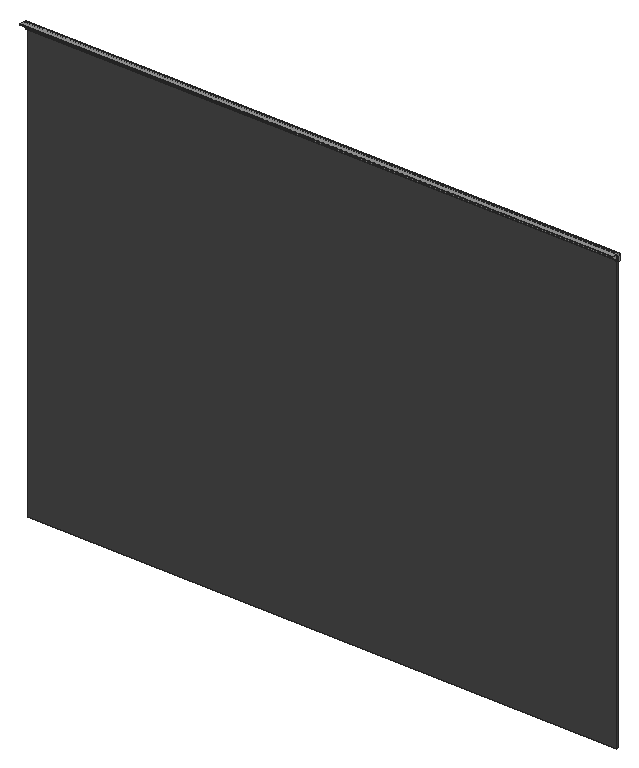
Revit family "Małkowski Martech_Brama_Marc-KDS - oparta na ścianie", category Drzwi, Revit 2020
Family settings
  Obiekt nadrzędny = Ściana
  Numer OmniClass = 23.30.10.00
  Tytuł OmniClass = Doors
  Zawsze pionowo = Tak
  Tnij formami wycięć po wczytaniu = Nie
  Współdzielony = Nie
  Punkt obliczania pomieszczeń = Tak
Parameters (values of type "Kaseta wału do stropu bezpośrednio")
  ►Gr [instance] = Grubość ściany  # 300 mm
  Wysokość otworu w murze Ho [instance] = 3000 mm
  Wysokość otworu [instance] = if(Wysokość otworu w murze Ho < 500 mm, 500 mm, if(Wysokość otworu w murze Ho > 8000 mm, 8000 mm, Wysokość otworu w murze Ho))  # 3000 mm
  Height = 0 mm
  Użyteczna wysokość otworu [instance] = Wysokość otworu - 50 mm  # 2950 mm
  Użyteczna szerokość otworu [instance] = Szerokość otworu  # 4000 mm
  Typ budowy = "Kurtyna dymowa stała"  # constant formula
  URL = "https://www.malkowski.pl/produkty/marc-kds/"
  Szerokość otworu w murze So [instance] = 4000 mm
  Szerokość otworu [instance] = if(Szerokość otworu w murze So < 1000 mm, 1000 mm, if(Szerokość otworu w murze So > 6000 mm, 6000 mm, Szerokość otworu w murze So))  # 4000 mm
  Width = 0 mm
  Płaszcz kurtyny = "niepalna tkanina z włókna szklanego, standardowo w kolorze szaro-srebrnym, z listwą obciążeniową zamocowanej do dolnej krawędzi płaszcza"  # constant formula
  Producent = "Małkowski - Martech S.A."  # constant formula
  Keynote = ""
  Odporność ogniowa = "D, DH"  # constant formula
  Obraz typu = 062-700x600-px-scale-730-547.jpg
  Model (Kod) [instance] = if([Klasa odporności ogniowej (Marc-Kds)] = 0, "KDS - D30 - S", if([Klasa odporności ogniowej (Marc-Kds)] = 1, "KDS - D60 - S", if([Klasa odporności ogniowej (Marc-Kds)] = 2, "KDS - D90 - S", if([Klasa odporności ogniowej (Marc-Kds)] = 3, "KDS - D120 - S", if([Klasa odporności ogniowej (Marc-Kds)] = 4, "KDS - DA - S", if([Klasa odporności ogniowej (Marc-Kds)] = 5, "KDS - DH30 - S", if([Klasa odporności ogniowej (Marc-Kds)] = 6, "KDS - DH60 - S", if([Klasa odporności ogniowej (Marc-Kds)] = 7, "KDS - DH90 - S", if([Klasa odporności ogniowej (Marc-Kds)] = 8, "KDS - DH120 - S", "KDS - DHA - S")))))))))  # "KDS - D30 - S"
  Model = "Marc - KDS"  # constant formula
  Materiał kasety [instance] = Małkowski-Martech_Szary
  Komentarz do konfiguracji [instance] = if(or(Szerokość otworu w murze So < 1000 mm, Wysokość otworu w murze Ho < 500 mm), "Podane wymiary otworu nie są kompatybilne z kartą katalogową.", if(Szerokość otworu w murze So > 6000 mm, "Maksymalna szerokość pojedynczego modułu wynosi 6m. Szersze kurtyny wykonywane są z kilku modułów połączonych łącznikami.", if(Wysokość otworu w murze Ho > 8000 mm, "W przypadku kurtyn o większej wysokości niż 8m prosimy o kontakt z producentem.", "Wprowadzono poprawne wymiary")))  # "Wprowadzono poprawne wymiary"
  Klasa odporności ogniowej (Marc-Kds) [instance] = 0
  IfcExportAs = "IfcDoor"  # constant formula
  Głębokość montażu [instance] = 0 mm
  Grubość ściany [instance] = 300 mm
  Zakończenie ściany = Wg obiektu nadrzędnego
  Funkcja = Wewnętrzna
  Elementy mocujące = "kątownik stalowy 50x50x6 i płaskownik 40x3 z blachy stalowej, mocowanie śrubami sześciokątnymi M6x25 i kotwami stalowymi M10"  # constant formula
  Długość płaszcza [instance] = Użyteczna wysokość otworu + 40 mm  # 2990 mm
  Brama zamknięta [instance] = not(Brama otwarta)  # yes
  Brama otwarta [instance] = no
Reference planes
  plane 1: y = 0
  plane 2 "Środek (Lewa/Prawa)": x = 0
  plane 3 "Lewa": x = -2000
  plane 4 "Prawa": x = 2000
  plane 5 "Góra otworu w murze": z = 3000
  plane 6 "Zewnętrzna": y = 150
  plane 7 "Wewnętrzna": y = -150
  plane 8: y = -150
  plane 9 "Środek obrotu": x = 37.5
  plane 10 "Podstawa parapetu": z = 0
  plane 11: x = -1990
  plane 12: x = 1990
  plane 13: y = 150
  plane 14: y = 150
  plane 15: y = 147
Forms (mm)
  Extrusion 1, solid, material "Małkowski-Martech_Szary" <- "Materiał kasety"
    sketch origin (0, -74, 0) x (0, -1, 0) y (0, 0, -1)
      loop
        line (-217.2, -3000) -> (-167.2, -3000) -> (-167.2, -2996.5)
        arc (-167.2, -2996.5) -> (-167.932, -2994.732) -> (-169.7, -2994) r 2.5
        line (-169.7, -2994) -> (-208.295, -2994)
        arc (-208.295, -2994) -> (-210.349, -2993.149) -> (-211.2, -2991.095) r 2.905
        line (-211.2, -2991.095) -> (-211.2, -2952.535)
        arc (-211.2, -2952.535) -> (-211.943, -2950.743) -> (-213.735, -2950) r 2.535
        line (-213.735, -2950) -> (-217.2, -2950) -> (-217.2, -3000)
      loop
        line (-221, -2950) -> (-224, -2950) -> (-224, -2990) -> (-221, -2990) -> (-221, -2950)
    from -2000 to 2000
Lines and regions (mm)
  Opening 1
    outline origin (-3050, -150, 0) x (1, 0, 0) y (0, 0, 1)
      loop
        line (1050, 0) -> (5050, 0) -> (5050, 3000) -> (1050, 3000) -> (1050, 0)
Text (mm)
  text "Zewnętrzne" at (-2295.016, 1099.543, 0), in view "Poziom odniesienia"
  text "Zewnętrzne" at (0, 1615.38, 3698.081), in view "Lewa"
  text "Zewnętrzne" at (0, 1036.032, 3874.932), in view "Prawa"
Dimensions and locks
  equal spacing: plane 3 "Lewa", plane 2 "Środek (Lewa/Prawa)", plane 4 "Prawa"
  "Szerokość otworu": plane 3 "Lewa" to plane 4 "Prawa"
  host wall to plane 5 "Góra otworu w murze" = 3000 mm  (x2)
  locked: plane 6 "Zewnętrzna" to host wall
  locked: plane 7 "Wewnętrzna" to host wall
  plane 3 "Lewa" to plane 4 "Prawa" = 4000 mm
  "Grubość ściany": host wall to host wall
  level to plane 10 "Podstawa parapetu" = 0 mm
  locked: plane 3 "Lewa" to plane 11 at 10
  locked: plane 12 to plane 4 "Prawa" at 10
  locked: Extrusion 1 sketch curve to Extrusion 1 sketch curve at 40
  locked: Extrusion 1 sketch curve to Extrusion 1 sketch curve at 50  (x2)
  "►Gr": plane 13 to plane 8
  equal spacing: plane 13, plane 1, plane 8
  locked: plane 14 to plane 15 at 3
  "Głębokość montażu": plane 13 to plane 14
  "Wysokość otworu": plane 5 "Góra otworu w murze" to plane 10 "Podstawa parapetu"
  aligned and locked: plane 3 "Lewa" to Opening 1 sketch curve
  aligned and locked: plane 5 "Góra otworu w murze" to Opening 1 sketch curve  (x2)
  aligned and locked: Opening 1 sketch curve to plane 4 "Prawa"
  aligned and locked: Opening 1 sketch curve to level
  aligned and locked: host wall to plane 1
  aligned and locked: nested 1 to plane 12
  aligned and locked: plane 11 to nested 1
  aligned and locked: plane 3 "Lewa" to Extrusion 1
  aligned and locked: Extrusion 1 to plane 4 "Prawa"
  aligned and locked: nested 1 to plane 15
  aligned and locked: Extrusion 1 sketch curve to plane 14
Automatic sketch dimensions
  plane 5 "Góra otworu w murze" to Extrusion 1 sketch curve = 0 mm
  Extrusion 1 sketch curve to Extrusion 1 sketch curve = 3 mm
  Extrusion 1 sketch curve to Extrusion 1 sketch curve = 3.8 mm
  Extrusion 1 sketch curve to Extrusion 1 sketch curve = 3.465 mm
  Extrusion 1 sketch curve to Extrusion 1 sketch curve = 9.8 mm
  Extrusion 1 sketch curve to Extrusion 1 sketch curve = 2.905 mm
  Extrusion 1 sketch curve to Extrusion 1 sketch curve = 2.5 mm
  Extrusion 1 sketch curve to Extrusion 1 sketch curve = 1.095 mm
  Extrusion 1 sketch curve to Extrusion 1 sketch curve = 0 mm
Nested families
  nested 1: "Drzwi kurtynowe" at (0, 147, 0), Wysokość kurtyny <- "Długość płaszcza", visible <- "Brama zamknięta", type "Drzwi kurtynowe"
    with Wysokość kurtyny 2990 mm, Szerokość kurtyny korekta 3910 mm, Szerokość kurtyny 3980 mm
Definition of nested family "Drzwi kurtynowe"
  Parameters (values of type "Drzwi kurtynowe")
    Wysokość kurtyny [instance] = 3000 mm
    Szerokość kurtyny korekta [instance] = 3000 mm
    Szerokość kurtyny [instance] = Szerokość kurtyny korekta + 70 mm  # 3070 mm
    Default Elevation = 0 mm
  Reference planes
    plane 1 "Środek (Przód/Tył)": y = 0
    plane 2: z = 0
    plane 3 "Środek (Lewa/Prawa)": x = 0
    plane 4: x = -1535
    plane 5: x = 1535
  Forms (mm)
    Extrusion 1, solid
      sketch origin (0, -30, 0) x (1, 0, 0) y (0, 1, 0)
        loop
          line (-1535, 26.2) -> (1535, 26.2) -> (1535, 30) -> (-1535, 30) -> (-1535, 26.2)
      from 0 to 3000 <- "Wysokość kurtyny"
  Dimensions and locks
    equal spacing: plane 4, plane 3 "Środek (Lewa/Prawa)", plane 5
    "Szerokość kurtyny": plane 4 to plane 5
    locked: Extrusion 1 sketch curve to Extrusion 1 sketch curve at 3.8
    aligned and locked: level to plane 2
  Automatic sketch dimensions
    plane 1 "Środek (Przód/Tył)" to Extrusion 1 sketch curve = 0 mm
    Extrusion 1 sketch curve to plane 4 = 0 mm
    Extrusion 1 sketch curve to plane 5 = 0 mm
